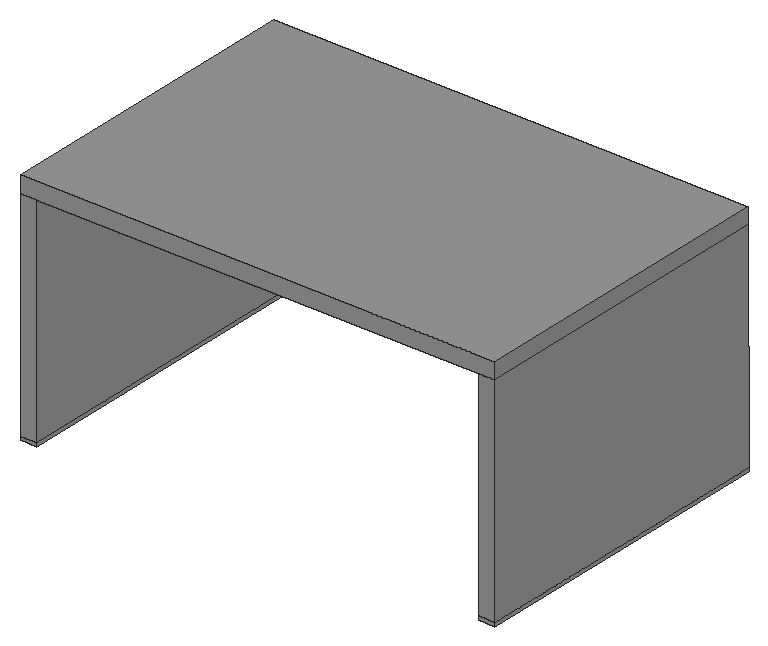
Revit family "Cocoon Community Table 48x72x36", category Generic Models, Revit 2018
Family settings
  Can host rebar = No
  Round Connector Dimension = Use Diameter
  Part Type = Normal
  Work Plane-Based = No
  Always vertical = Yes
  Cut with Voids When Loaded = No
  Shared = No
  Room Calculation Point = No
Parameters
  Frame = Cocoon Community Table 48x72x36 Frame
  Surface = Cocoon Community Table 48x72x36 Surface
Reference planes (in)
  plane 1 "Center (Front/Back)": y = 0
  plane 2: z = 0
  plane 3 "Center (Left/Right)": x = 0
Forms (in)
  Extrusion 1, solid, material "Cocoon Community Table 48x72x36 Frame" <- "Frame"
    sketch origin (0, 0, 0) x (1, 0, 0) y (0, 0, 1)
      loop
        line (-36, 0.5) -> (-36, 0) -> (-33.5, 0) -> (-33.5, 0.5) -> (-36, 0.5)
      loop
        line (33.5, 0.5) -> (33.5, 0) -> (36, 0) -> (36, 0.5) -> (33.5, 0.5)
    from -24 to 24
  Extrusion 2, solid, material "Cocoon Community Table 48x72x36 Surface" <- "Surface"
    sketch origin (0, 0, 7) x (1, 0, 0) y (0, 0, 1)
      loop
        line (-36, 29) -> (-36, 26.5) -> (36, 26.5) -> (36, 29) -> (-36, 29)
    from -24 to 24
  Extrusion 3, solid, material "Cocoon Community Table 48x72x36 Frame" <- "Frame"
    sketch origin (0, 0, 0) x (1, 0, 0) y (0, 0, 1)
      loop
        line (-36, 33.5) -> (-36, 0.5) -> (-33.5, 0.5) -> (-33.5, 33.5) -> (-36, 33.5)
      loop
        line (33.5, 33.5) -> (33.5, 0.5) -> (36, 0.5) -> (36, 33.5) -> (33.5, 33.5)
    from -24 to 24
Dimensions and locks (in)
  aligned and locked: level to plane 2
